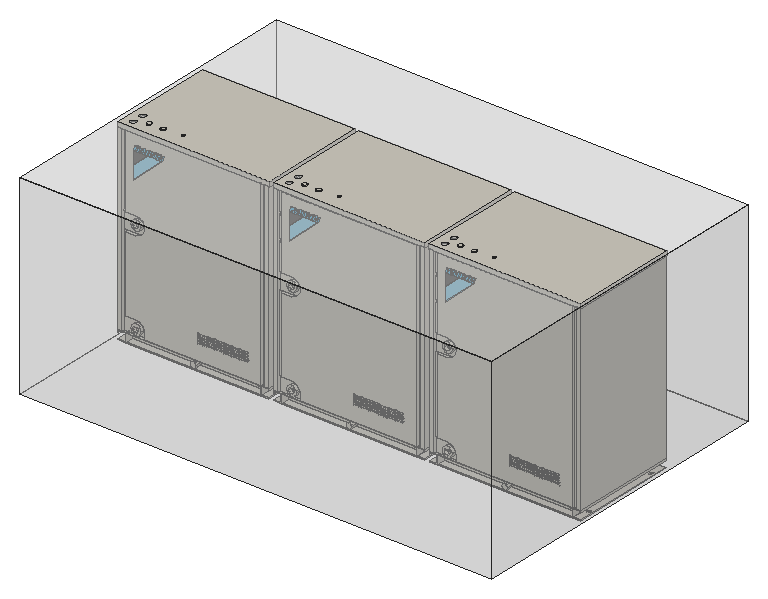
Revit family "outputfile", category 機械設備, Revit 2024 (continued)
Definition of nested family "DAIKIN_outdoorunit_RWEYQ-TYM"
  Definition of nested family "outdoorunit_frontpanel"
    Dimensions and locks
      locked: Extrusion 3 sketch curve to plane 2 "Bottom" at 76
      locked: Extrusion 3 sketch curve to Extrusion 3 sketch curve at 390
      locked: plane 6 to Extrusion 4 sketch curve at 2
      locked: plane 10 "Center L/T" to plane 1 "Center (Front/Back)" at 5
      aligned and locked: level to plane 2 "Bottom"
      aligned and locked: plane 8 "Left" to Extrusion 1 sketch curve
      aligned and locked: Extrusion 1 sketch curve to plane 4 "Back"
      aligned and locked: plane 5 "Front" to Extrusion 1 sketch curve
      aligned and locked: Extrusion 1 to plane 2 "Bottom"
      aligned and locked: plane 7 "Top" to Extrusion 1
      aligned and locked: plane 3 to plane 8 "Left"
      aligned and locked: plane 8 "Left" to Extrusion 2 sketch curve
      aligned and locked: Extrusion 2 sketch curve to plane 7 "Top"
      aligned and locked: plane 2 "Bottom" to Extrusion 2 sketch curve
      aligned and locked: Extrusion 2 sketch curve to plane 2 "Bottom"
      aligned and locked: plane 6 to Extrusion 2 sketch curve
      aligned and locked: plane 7 "Top" to Extrusion 2 sketch curve
      aligned and locked: Extrusion 2 to plane 1 "Center (Front/Back)"
      aligned and locked: plane 9 "Center L/S" to Extrusion 3
      aligned and locked: Extrusion 4 sketch curve to plane 7 "Top"
      aligned and locked: plane 2 "Bottom" to Extrusion 4 sketch curve
      aligned and locked: Extrusion 4 to plane 9 "Center L/S"
      aligned and locked: Extrusion 5 to plane 5 "Front"
      aligned and locked: plane 9 "Center L/S" to Extrusion 5
      aligned and locked: Extrusion 6 to plane 10 "Center L/T"
    Automatic sketch dimensions
      Extrusion 1 sketch curve to plane 6 = 0.0 mm
      Extrusion 3 sketch curve to plane 7 "Top" = 0.0 mm
      plane 3 to Extrusion 3 sketch curve = 2.0 mm  (x4)
      plane 3 to Extrusion 3 sketch curve = 10.5 mm
      Extrusion 3 sketch curve to Extrusion 3 sketch curve = 71.0 mm
      level to Extrusion 3 sketch curve = 31.0 mm
      Extrusion 3 sketch curve to plane 3 = 33.0 mm
      plane 6 to Extrusion 4 sketch curve = 236.161 mm
      Extrusion 5 sketch curve to Extrusion 5 sketch curve = 0.0 mm  (x4)
      plane 3 to Extrusion 5 sketch curve = 73.0 mm  (x2)
      level to Extrusion 5 sketch curve = 31.0 mm
      Extrusion 5 sketch curve to plane 7 "Top" = 420.0 mm
      level to Extrusion 6 sketch curve = 131.0 mm
      Extrusion 6 sketch curve to plane 6 = 345.2 mm
      Extrusion 6 sketch curve to Extrusion 6 sketch curve = 0.0 mm  (x40)
      Extrusion 6 sketch curve to Extrusion 6 sketch curve = 42.7 mm  (x2)
      Extrusion 6 sketch curve to Extrusion 6 sketch curve = 1.0 mm  (x32)
      Extrusion 6 sketch curve to Extrusion 6 sketch curve = 42.2 mm  (x4)
      Extrusion 6 sketch curve to Extrusion 6 sketch curve = 12.25 mm  (x7)
      Extrusion 6 sketch curve to Extrusion 6 sketch curve = 11.75 mm  (x9)
      radius of Extrusion 5 sketch curve = 25.0 mm  (x2)
      radius of Extrusion 5 sketch curve = 15.5 mm  (x2)
  Definition of nested family "outdoorunit_rightpanel1"
    Parameters (values of type "frontpanel1")
      width = 550.0 mm
      material [instance] = none
      height1 = 931.0 mm
      depth = 20.0 mm
      Default Elevation = 0.0 mm
    Reference planes
      plane 1 "Center (Front/Back)": y = 0
      plane 2 "Bottom": z = 0
      plane 3: x = 0
      plane 4 "Back": y = 10
      plane 5 "Front": y = -10
      plane 6: x = 550
      plane 7 "Top": z = 931
      plane 8 "Left": x = 0
      plane 9: y = -8.75
      plane 10: z = 639
      plane 11: y = -5.75
      plane 12: y = -2.551
      plane 13: y = -13
      plane 14: x = 275
    Forms (mm)
      Extrusion 1, solid, material <- "material"
        sketch origin (0, 0, 0) x (1, 0, 0) y (0, 1, 0)
          loop
            line (0, 10) -> (0, -10) -> (550, -10) -> (550, 10) -> (0, 10)
        from 0 to 931
    Dimensions and locks
      equal spacing: plane 4 "Back", plane 1 "Center (Front/Back)", plane 5 "Front"
      "depth": plane 4 "Back" to plane 5 "Front"
      "width": plane 8 "Left" to plane 6
      "height1": plane 7 "Top" to plane 2 "Bottom"
      locked: plane 10 to plane 2 "Bottom" at 639
      locked: plane 12 to plane 11 at 3.199
      plane 5 "Front" to plane 13 = 3.0 mm
      equal spacing: plane 8 "Left", plane 14, plane 6
      aligned and locked: level to plane 2 "Bottom"
      aligned and locked: plane 8 "Left" to Extrusion 1 sketch curve
      aligned and locked: Extrusion 1 sketch curve to plane 4 "Back"
      aligned and locked: plane 5 "Front" to Extrusion 1 sketch curve
      aligned and locked: Extrusion 1 to plane 2 "Bottom"
      aligned and locked: plane 7 "Top" to Extrusion 1
      aligned and locked: plane 3 to plane 8 "Left"
    Automatic sketch dimensions
      Extrusion 1 sketch curve to plane 6 = 0.0 mm
  Definition of nested family "outdoorunit_backpanel"
    Parameters (values of type "frontpanel1")
      width = 736.0 mm
      material [instance] = none
      height1 = 931.0 mm
      depth = 20.0 mm
      Default Elevation = 0.0 mm
    Reference planes
      plane 1 "Center (Front/Back)": y = 0
      plane 2 "Bottom": z = 0
      plane 3: x = 0
      plane 4 "Back": y = 10
      plane 5 "Front": y = -10
      plane 6: x = 736
      plane 7 "Top": z = 931
      plane 8 "Left": x = 0
      plane 9: z = 639
      plane 10: x = 368
    Forms (mm)
      Extrusion 1, solid, material <- "material"
        sketch origin (0, 0, 0) x (1, 0, 0) y (0, 1, 0)
          loop
            line (0, 10) -> (0, -10) -> (736, -10) -> (736, 10) -> (0, 10)
        from 0 to 931
      Extrusion 2, void
        sketch origin (0, 0, 0) x (1, 0, 0) y (0, 1, 0)
          loop
            line (0, -4) -> (0, -10) -> (21, -10) -> (21, -7) -> (2, -7) -> (2, -4) -> (0, -4)
          loop
            line (736, -4) -> (734, -4) -> (734, -7) -> (715, -7) -> (715, -10) -> (736, -10) -> (736, -4)
        from 0 to 931
    Cuts and joins
      Extrusion 2 cuts Extrusion 1
    Dimensions and locks
      equal spacing: plane 4 "Back", plane 1 "Center (Front/Back)", plane 5 "Front"
      "depth": plane 4 "Back" to plane 5 "Front"
      "width": plane 8 "Left" to plane 6
      "height1": plane 7 "Top" to plane 2 "Bottom"
      locked: plane 9 to plane 2 "Bottom" at 639
      equal spacing: plane 8 "Left", plane 10, plane 6
      aligned and locked: level to plane 2 "Bottom"
      aligned and locked: plane 8 "Left" to Extrusion 1 sketch curve
      aligned and locked: Extrusion 1 sketch curve to plane 4 "Back"
      aligned and locked: plane 5 "Front" to Extrusion 1 sketch curve
      aligned and locked: Extrusion 1 to plane 2 "Bottom"
      aligned and locked: plane 7 "Top" to Extrusion 1
      aligned and locked: plane 3 to plane 8 "Left"
    Automatic sketch dimensions
      Extrusion 1 sketch curve to plane 6 = 0.0 mm
      Extrusion 2 sketch curve to plane 3 = 0.0 mm
      Extrusion 2 sketch curve to plane 5 "Front" = 0.0 mm  (x2)
      Extrusion 2 sketch curve to plane 6 = 0.0 mm
      plane 3 to Extrusion 2 sketch curve = 2.0 mm
      Extrusion 2 sketch curve to Extrusion 2 sketch curve = 19.0 mm
      Extrusion 2 sketch curve to Extrusion 2 sketch curve = 21.0 mm
      Extrusion 2 sketch curve to plane 6 = 2.0 mm
      Extrusion 2 sketch curve to Extrusion 2 sketch curve = 3.0 mm  (x4)
  Definition of nested family "outdoorunit_leftpanel"
    Parameters (values of type "frontpanel1")
      width = 550.0 mm
      material [instance] = none
      height1 = 931.0 mm
      depth = 20.0 mm
      Default Elevation = 0.0 mm
    Reference planes
      plane 1 "Center (Front/Back)": y = 0
      plane 2 "Bottom": z = 0
      plane 3: x = 0
      plane 4 "Back": y = 10
      plane 5 "Front": y = -10
      plane 6: x = 550
      plane 7 "Top": z = 931
      plane 8 "Left": x = 0
      plane 9: y = -8.75
      plane 10: z = 639
      plane 11: y = -5.75
      plane 12: y = -2.551
      plane 13: y = -13
      plane 14: x = 275
    Forms (mm)
      Extrusion 1, solid, material <- "material"
        sketch origin (0, 0, 0) x (1, 0, 0) y (0, 1, 0)
          loop
            line (0, 10) -> (0, -10) -> (550, -10) -> (550, 10) -> (0, 10)
        from 0 to 931
    Dimensions and locks
      equal spacing: plane 4 "Back", plane 1 "Center (Front/Back)", plane 5 "Front"
      "depth": plane 4 "Back" to plane 5 "Front"
      "width": plane 8 "Left" to plane 6
      "height1": plane 7 "Top" to plane 2 "Bottom"
      locked: plane 10 to plane 2 "Bottom" at 639
      locked: plane 12 to plane 11 at 3.199
      plane 5 "Front" to plane 13 = 3.0 mm
      equal spacing: plane 8 "Left", plane 14, plane 6
      aligned and locked: level to plane 2 "Bottom"
      aligned and locked: plane 8 "Left" to Extrusion 1 sketch curve
      aligned and locked: Extrusion 1 sketch curve to plane 4 "Back"
      aligned and locked: plane 5 "Front" to Extrusion 1 sketch curve
      aligned and locked: Extrusion 1 to plane 2 "Bottom"
      aligned and locked: plane 7 "Top" to Extrusion 1
      aligned and locked: plane 3 to plane 8 "Left"
    Automatic sketch dimensions
      Extrusion 1 sketch curve to plane 6 = 0.0 mm
  Definition of nested family "outdoorunit_uppanel"
    Parameters (values of type "frontpanel1")
      width = 780.0 mm
      material [instance] = none
      height1 = 550.0 mm
      depth = 24.0 mm
      Default Elevation = 0.0 mm
    Reference planes
      plane 1 "Center (Front/Back)": y = 0
      plane 2 "Bottom": z = 0
      plane 3: x = 0
      plane 4 "Back": y = 12
      plane 5 "Front": y = -12
      plane 6: x = 780
      plane 7 "Top": z = 550
      plane 8 "Left": x = 0
      plane 9: y = -8.75
      plane 10: z = 639
      plane 11: y = -5.75
      plane 12: y = -2.551
    Forms (mm)
      Extrusion 1, solid, material <- "material"
        sketch origin (0, 0, 0) x (1, 0, 0) y (0, 1, 0)
          loop
            line (0, 12) -> (0, -12) -> (780, -12) -> (780, 12) -> (0, 12)
        from 0 to 550
      Extrusion 2, void
        sketch origin (0, 0, 0) x (1, 0, 0) y (0, 0, 1)
          loop
            circle (51, 38) r 14.5
          loop
            circle (51, 98) r 14.5
        from 9 to 12
    Cuts and joins
      Extrusion 2 cuts Extrusion 1
    Dimensions and locks
      equal spacing: plane 4 "Back", plane 1 "Center (Front/Back)", plane 5 "Front"
      "depth": plane 4 "Back" to plane 5 "Front"
      "width": plane 8 "Left" to plane 6
      "height1": plane 7 "Top" to plane 2 "Bottom"
      locked: plane 10 to plane 2 "Bottom" at 639
      locked: Extrusion 2 sketch curve to plane 8 "Left" at 51  (x2)
      locked: Extrusion 2 sketch curve to level at 38
      locked: Extrusion 2 sketch curve to Extrusion 2 sketch curve at 60
      aligned and locked: level to plane 2 "Bottom"
      aligned and locked: plane 8 "Left" to Extrusion 1 sketch curve
      aligned and locked: Extrusion 1 sketch curve to plane 4 "Back"
      aligned and locked: Extrusion 1 sketch curve to plane 5 "Front"
      aligned and locked: Extrusion 1 to plane 2 "Bottom"
      aligned and locked: plane 7 "Top" to Extrusion 1
      aligned and locked: plane 3 to plane 8 "Left"
    Automatic sketch dimensions
      Extrusion 1 sketch curve to plane 6 = 0.0 mm
      radius of Extrusion 2 sketch curve = 14.5 mm  (x2)
  Definition of nested family "outdoorunit_downpanel"
    Parameters (values of type "frontpanel1")
      width = 736.0 mm
      material [instance] = none
      height1 = 510.0 mm
      depth = 20.0 mm
      Default Elevation = 0.0 mm
    Reference planes
      plane 1 "Center (Front/Back)": y = 0
      plane 2 "Bottom": z = 0
      plane 3: x = 0
      plane 4 "Back": y = 10
      plane 5 "Front": y = -10
      plane 6: x = 736
      plane 7 "Top": z = 510
      plane 8 "Left": x = 0
      plane 9: z = 255
      plane 10: y = -18
      plane 11: y = 6
      plane 12: y = 8
      plane 13: x = 368
    Forms (mm)
      Extrusion 1, solid, material <- "material"
        sketch origin (0, 0, 0) x (1, 0, 0) y (0, 1, 0)
          loop
            line (0, 10) -> (0, -10) -> (736, -10) -> (736, 10) -> (0, 10)
        from 0 to 510
    Dimensions and locks
      equal spacing: plane 4 "Back", plane 1 "Center (Front/Back)", plane 5 "Front"
      "depth": plane 4 "Back" to plane 5 "Front"
      "width": plane 8 "Left" to plane 6
      "height1": plane 7 "Top" to plane 2 "Bottom"
      plane 4 "Back" to plane 11 = 4.0 mm
      plane 4 "Back" to plane 12 = 2.0 mm
      equal spacing: plane 8 "Left", plane 13, plane 6
      equal spacing: plane 7 "Top", plane 9, plane 2 "Bottom"
      aligned and locked: level to plane 2 "Bottom"
      aligned and locked: plane 8 "Left" to Extrusion 1 sketch curve
      aligned and locked: Extrusion 1 sketch curve to plane 4 "Back"
      aligned and locked: plane 5 "Front" to Extrusion 1 sketch curve
      aligned and locked: Extrusion 1 to plane 2 "Bottom"
      aligned and locked: plane 7 "Top" to Extrusion 1
      aligned and locked: plane 3 to plane 8 "Left"
    Automatic sketch dimensions
      Extrusion 1 sketch curve to plane 6 = 0.0 mm
  Definition of nested family "daikin_mountinghole"
    Parameters (values of type "daikin_mountinghole")
      Default Elevation = 1219.2 mm
      Type Comments = "mountinghole"
      show [instance] = yes
      material = none
      l_centerline = 100.0 mm
      l_antenna [instance] = 100.0 mm
      h_mountinghole [instance] = 0.0 mm
      d_circle = 30.0 mm
      Link_Nested Family [instance] = ""
    Reference planes
      plane 1 "Center (Front/Back)": y = 0
      plane 2: z = 0
      plane 3 "Center (Left/Right)": x = 0
      plane 4: y = 50
      plane 5: x = -50
      plane 6: x = 50
      plane 7: y = -50
      plane 8 "h_mountinghole": z = 0
      plane 9: z = 100
    Lines and regions (mm)
      model lines, detail levels fine
        curve 1: circle (0, 0, 0) r 15 normal (0, 0, 1)
        curve 2: line (-50, 0, 0) -> (50, 0, 0)
        curve 3: line (0, 50, 0) -> (0, -50, 0)
      symbolic lines, detail levels fine
        curve 4: circle (0, 0, 0) r 15 normal (0, 0, 1)
        curve 5: line (-50, 0, 0) -> (50, 0, 0)
        curve 6: line (0, 50, 0) -> (0, -50, 0)
      model lines
        curve 7: line (0, 0, 100) -> (0, 0, 0)
    Dimensions and locks
      equal spacing: plane 4, plane 1 "Center (Front/Back)", plane 7
      "l_centerline": plane 4 to plane 7
      equal spacing: plane 5, plane 3 "Center (Left/Right)", plane 6
      "l_centerline": plane 5 to plane 6
      "l_antenna": plane 9 to plane 8 "h_mountinghole"
      "h_mountinghole": plane 8 "h_mountinghole" to plane 2
      "d_circle": diameter of curve 1
      "d_circle": diameter of curve 4
      aligned and locked: level to plane 2
      aligned and locked: plane 1 "Center (Front/Back)" to curve 1
      aligned and locked: plane 3 "Center (Left/Right)" to curve 1
      aligned and locked: plane 1 "Center (Front/Back)" to curve 2
      aligned and locked: curve 3 to plane 3 "Center (Left/Right)"
      aligned and locked: plane 6 to curve 2
      aligned and locked: plane 5 to curve 2
      aligned and locked: plane 4 to curve 3
      aligned and locked: plane 7 to curve 3
      aligned and locked: plane 1 "Center (Front/Back)" to curve 4
      aligned and locked: plane 3 "Center (Left/Right)" to curve 4
      aligned and locked: plane 6 to curve 5
      aligned and locked: plane 5 to curve 5
      aligned and locked: plane 1 "Center (Front/Back)" to curve 5
      aligned and locked: plane 4 to curve 6
      aligned and locked: plane 7 to curve 6
      aligned and locked: curve 6 to plane 3 "Center (Left/Right)"
      aligned and locked: curve 7 to plane 3 "Center (Left/Right)"
      aligned and locked: plane 9 to curve 7
      aligned and locked: plane 8 "h_mountinghole" to curve 7
Definition of nested family "daikin_clearancespace"
  Parameters (values of type "daikin_clearancespace")
    Description = "daikin_clearancespace"
    width [instance] = 1823.963 mm
    show [instance] = yes
    material = none
    height [instance] = 1359.762 mm
    depth [instance] = 880.0 mm
    Default Elevation = 0.0 mm
    Link_Nested Family [instance] = ""
  Reference planes
    plane 1 "Center (Front/Back)": y = 0
    plane 2 "Center (Elevation)": z = -0.119
    plane 3 "Center (Left/Right)": x = 0
    plane 4: y = 440
    plane 5: y = -440
    plane 6 "Right": x = 911.982
    plane 7 "Left": x = -911.982
    plane 8 "Top": z = 679.762
    plane 9 "Bottom": z = -680
  Forms (mm)
    Extrusion 1, solid, material <- "material", visible <- "show"
      sketch origin (0, 0, 0) x (1, 0, 0) y (0, 1, 0)
        loop
          line (-911.982, 440) -> (-911.982, -440) -> (911.982, -440) -> (911.982, 440) -> (-911.982, 440)
      from -680 to 679.762
  Lines and regions (mm)
    symbolic lines, visible <- "show"
      curve 1: line (911.982, 440, 0) -> (-911.982, 440, 0)
      curve 2: line (-911.982, 440, 0) -> (-911.982, -440, 0)
      curve 3: line (-911.982, -440, 0) -> (911.982, -440, 0)
      curve 4: line (911.982, -440, 0) -> (911.982, 440, 0)
      curve 5: line (911.982, 0, 679.762) -> (-911.982, 0, 679.762)
      curve 6: line (911.982, 0, -680) -> (911.982, 0, 679.762)
      curve 7: line (-911.982, 0, -680) -> (911.982, 0, -680)
      curve 8: line (-911.982, 0, 679.762) -> (-911.982, 0, -680)
      curve 9: line (0, 440, 679.762) -> (0, -440, 679.762)
      curve 10: line (0, -440, 679.762) -> (0, -440, -680)
      curve 11: line (0, 440, -680) -> (0, 440, 679.762)
      curve 12: line (0, -440, -680) -> (0, 440, -680)
  Dimensions and locks
    "width": plane 7 "Left" to plane 6 "Right"
    "depth": plane 4 to plane 5
    "height": plane 8 "Top" to plane 9 "Bottom"
    equal spacing: plane 7 "Left", plane 3 "Center (Left/Right)", plane 6 "Right"
    equal spacing: plane 4, plane 1 "Center (Front/Back)", plane 5
    equal spacing: plane 8 "Top", plane 2 "Center (Elevation)", plane 9 "Bottom"
    aligned and locked: level to plane 2 "Center (Elevation)"
    aligned and locked: Extrusion 1 sketch curve to plane 4
    aligned and locked: plane 7 "Left" to Extrusion 1 sketch curve
    aligned and locked: Extrusion 1 sketch curve to plane 5
    aligned and locked: Extrusion 1 sketch curve to plane 6 "Right"
    aligned and locked: plane 8 "Top" to Extrusion 1
    aligned and locked: curve 1 to Extrusion 1
    aligned and locked: curve 2 to Extrusion 1
    aligned and locked: curve 3 to Extrusion 1
    aligned and locked: curve 4 to Extrusion 1
    aligned and locked: curve 5 to Extrusion 1
    aligned and locked: curve 6 to Extrusion 1
    aligned and locked: curve 7 to Extrusion 1
    aligned and locked: curve 8 to Extrusion 1
    aligned and locked: curve 9 to Extrusion 1
    aligned and locked: curve 10 to Extrusion 1
    aligned and locked: curve 11 to Extrusion 1
    aligned and locked: curve 12 to Extrusion 1
    aligned and locked: Extrusion 1 to plane 9 "Bottom"
Definition of nested family "daikin_logo_elevation_w150"
  Parameters (values of type "daikin_logo_elevation_w150")
    width = 150.0 mm
    show_logo [instance] = yes
    material = none
    height = 180.0 mm
    depth = 5.0 mm
    Default Elevation = 0.0 mm
  Reference planes
    plane 1 "Center (Front/Back)": y = 0
    plane 2: z = 0
    plane 3 "Center (Left/Right)": x = 0
    plane 4 "top": z = 180
    plane 5: z = 155.432
    plane 6 "left": x = -90
    plane 7 "right": x = 60
    plane 8: y = -5
  Forms (mm)
    Extrusion 1, solid, visible <- "show_logo"
      sketch origin (0, 0, 0) x (1, 0, 0) y (0, 0, 1)
        loop
          line (-90, 22.832) -> (54.211, 155.432) -> (-19.804, 155.432) -> (-90, 91.131) -> (-90, 22.832)
      from 0 to 5
    Extrusion 2, solid, visible <- "show_logo"
      sketch origin (0, 0, 0) x (1, 0, 0) y (0, 0, 1)
        loop
          line (-90, 155.432) -> (-90, 91.131) -> (-19.804, 155.432) -> (-90, 155.432)
      from 0 to 5
    Extrusion 3, solid, visible <- "show_logo"
      sketch origin (0, 0, 0) x (1, 0, 0) y (0, 0, 1)
        loop
          line (-73.294, 180) -> (-84.431, 180) -> (-90, 157.726) -> (-73.294, 157.726)
          arc (-73.294, 157.726) -> (-66.673, 159.069) -> (-61.582, 163.51) r 13.209
          arc (-61.582, 163.51) -> (-59.344, 169.288) -> (-60.109, 175.436) r 12.685
          arc (-60.109, 175.436) -> (-61.683, 177.678) -> (-64.031, 179.088) r 6.606
          arc (-64.031, 179.088) -> (-68.629, 179.878) -> (-73.294, 180) r 32.396
        loop
          line (-78.863, 162.18) -> (-74.408, 162.18)
          arc (-74.408, 162.18) -> (-70.986, 164.473) -> (-69.002, 168.082) r 8.708
          arc (-69.002, 168.082) -> (-68.734, 170.84) -> (-69.386, 173.533) r 8.337
          arc (-69.386, 173.533) -> (-70.358, 174.487) -> (-71.624, 174.988) r 3.442
          line (-71.624, 174.988) -> (-76.078, 174.988) -> (-78.863, 162.18)
        loop
          line (-61.043, 157.726) -> (-54.918, 157.726) -> (-52.829, 161.624) -> (-44.059, 161.624) -> (-43.223, 157.726) -> (-33.2, 157.726) -> (-37.655, 180) -> (-48.792, 180) -> (-61.043, 157.726)
        loop
          line (-50.145, 166.635) -> (-45.133, 166.635) -> (-46.565, 173.318) -> (-50.145, 166.635)
        loop
          line (-24.847, 180) -> (-30.416, 157.726) -> (-20.949, 157.726) -> (-15.38, 180) -> (-24.847, 180)
        loop
          line (-15.38, 157.726) -> (-5.914, 157.726) -> (-4.4, 163.779) -> (0.212, 157.726) -> (11.906, 157.726) -> (2.996, 169.42) -> (15.804, 180) -> (5.78, 180) -> (-1.94, 173.623) -> (-0.345, 180) -> (-9.812, 180) -> (-15.38, 157.726)
        loop
          line (20.259, 180) -> (14.133, 157.726) -> (24.157, 157.726) -> (29.725, 180) -> (20.259, 180)
        loop
          line (29.725, 157.726) -> (36.408, 157.726) -> (39.555, 170.315) -> (43.647, 157.726) -> (54.784, 157.726) -> (60.353, 180) -> (53.671, 180) -> (50.281, 166.442) -> (45.874, 180) -> (35.294, 180) -> (29.725, 157.726)
      from 0 to 5
  Dimensions and locks
    "height": plane 4 "top" to plane 2
    locked: plane 4 "top" to plane 5 at 24.568
    "width": plane 6 "left" to plane 7 "right"
    "depth": plane 8 to plane 1 "Center (Front/Back)"
    aligned and locked: level to plane 2
    aligned and locked: plane 4 "top" to Extrusion 3  (x8)
    aligned and locked: plane 5 to Extrusion 1
    aligned and locked: plane 5 to Extrusion 2
    aligned and locked: plane 6 "left" to Extrusion 2
    aligned and locked: plane 6 "left" to Extrusion 1
    aligned and locked: Extrusion 3 to plane 8
    aligned and locked: Extrusion 1 to plane 8
    aligned and locked: Extrusion 2 to plane 8
  Automatic sketch dimensions
    level to Extrusion 1 sketch curve = 22.832 mm
    Extrusion 1 sketch curve to Extrusion 1 sketch curve = 68.298 mm
    Extrusion 1 sketch curve to plane 4 "top" = 24.568 mm
    Extrusion 1 sketch curve to plane 3 "Center (Left/Right)" = 19.804 mm
    Extrusion 2 sketch curve to plane 4 "top" = 24.568 mm
    Extrusion 2 sketch curve to plane 3 "Center (Left/Right)" = 19.804 mm
    Extrusion 2 sketch curve to Extrusion 2 sketch curve = 64.302 mm
    Extrusion 3 sketch curve to plane 4 "top" = 0.0 mm  (x8)
    Extrusion 3 sketch curve to plane 4 "top" = 0.912 mm
    Extrusion 3 sketch curve to Extrusion 3 sketch curve = 2.154 mm
    Extrusion 3 sketch curve to Extrusion 3 sketch curve = 6.245 mm
    Extrusion 3 sketch curve to plane 4 "top" = 4.564 mm
    Extrusion 3 sketch curve to Extrusion 3 sketch curve = 5.748 mm
    Extrusion 3 sketch curve to Extrusion 3 sketch curve = 2.001 mm
    Extrusion 3 sketch curve to Extrusion 3 sketch curve = 4.603 mm
    Extrusion 3 sketch curve to Extrusion 3 sketch curve = 0.59 mm
    Extrusion 3 sketch curve to Extrusion 3 sketch curve = 0.07 mm
    Extrusion 3 sketch curve to Extrusion 3 sketch curve = 1.49 mm
    Extrusion 3 sketch curve to plane 4 "top" = 5.012 mm
    Extrusion 3 sketch curve to Extrusion 3 sketch curve = 3.556 mm
    Extrusion 3 sketch curve to Extrusion 3 sketch curve = 5.569 mm  (x3)
    Extrusion 3 sketch curve to Extrusion 3 sketch curve = 0.309 mm
    Extrusion 3 sketch curve to Extrusion 3 sketch curve = 4.455 mm  (x4)
    Extrusion 3 sketch curve to Extrusion 3 sketch curve = 0.288 mm
    Extrusion 3 sketch curve to Extrusion 3 sketch curve = 0.689 mm
    Extrusion 3 sketch curve to Extrusion 3 sketch curve = 2.238 mm
    Extrusion 3 sketch curve to Extrusion 3 sketch curve = 4.528 mm
    Extrusion 3 sketch curve to Extrusion 3 sketch curve = 0.658 mm
    Extrusion 3 sketch curve to Extrusion 3 sketch curve = 2.931 mm
    Extrusion 3 sketch curve to Extrusion 3 sketch curve = 0.357 mm
    Extrusion 3 sketch curve to Extrusion 3 sketch curve = 0.101 mm
    Extrusion 3 sketch curve to Extrusion 3 sketch curve = 11.317 mm
    Extrusion 3 sketch curve to Extrusion 3 sketch curve = 0.539 mm
    Extrusion 3 sketch curve to Extrusion 3 sketch curve = 11.137 mm  (x2)
    Extrusion 3 sketch curve to Extrusion 3 sketch curve = 5.784 mm
    Extrusion 3 sketch curve to Extrusion 3 sketch curve = 10.024 mm  (x3)
    Extrusion 3 sketch curve to Extrusion 3 sketch curve = 0.835 mm
    Extrusion 3 sketch curve to Extrusion 3 sketch curve = 8.771 mm
    Extrusion 3 sketch curve to Extrusion 3 sketch curve = 2.088 mm
    Extrusion 3 sketch curve to Extrusion 3 sketch curve = 3.898 mm
    Extrusion 3 sketch curve to plane 4 "top" = 6.682 mm
    Extrusion 3 sketch curve to Extrusion 3 sketch curve = 2.227 mm  (x2)
    Extrusion 3 sketch curve to Extrusion 3 sketch curve = 2.685 mm
    Extrusion 3 sketch curve to plane 4 "top" = 13.365 mm
    Extrusion 3 sketch curve to Extrusion 3 sketch curve = 5.012 mm
    Extrusion 3 sketch curve to Extrusion 3 sketch curve = 12.808 mm
    Extrusion 3 sketch curve to Extrusion 3 sketch curve = 2.784 mm
    Extrusion 3 sketch curve to Extrusion 3 sketch curve = 9.467 mm  (x4)
    Extrusion 3 sketch curve to Extrusion 3 sketch curve = 0.0 mm  (x5)
    Extrusion 3 sketch curve to Extrusion 3 sketch curve = 5.568 mm  (x2)
    Extrusion 3 sketch curve to plane 3 "Center (Left/Right)" = 0.345 mm
    Extrusion 3 sketch curve to plane 3 "Center (Left/Right)" = 1.94 mm
    Extrusion 3 sketch curve to plane 4 "top" = 6.377 mm
    plane 3 "Center (Left/Right)" to Extrusion 3 sketch curve = 5.78 mm
    plane 3 "Center (Left/Right)" to Extrusion 3 sketch curve = 2.996 mm
    Extrusion 3 sketch curve to Extrusion 3 sketch curve = 4.203 mm
    plane 3 "Center (Left/Right)" to Extrusion 3 sketch curve = 11.906 mm
    Extrusion 3 sketch curve to Extrusion 3 sketch curve = 11.694 mm
    plane 3 "Center (Left/Right)" to Extrusion 3 sketch curve = 0.212 mm
    Extrusion 3 sketch curve to plane 3 "Center (Left/Right)" = 4.4 mm
    Extrusion 3 sketch curve to Extrusion 3 sketch curve = 6.053 mm
    Extrusion 3 sketch curve to plane 3 "Center (Left/Right)" = 5.914 mm
    Extrusion 3 sketch curve to Extrusion 3 sketch curve = 10.581 mm
    Extrusion 3 sketch curve to plane 4 "top" = 13.558 mm
    Extrusion 3 sketch curve to Extrusion 3 sketch curve = 4.406 mm
    Extrusion 3 sketch curve to Extrusion 3 sketch curve = 7.796 mm
    Extrusion 3 sketch curve to Extrusion 3 sketch curve = 6.682 mm  (x2)
    Extrusion 3 sketch curve to Extrusion 3 sketch curve = 4.503 mm
    Extrusion 3 sketch curve to Extrusion 3 sketch curve = 8.716 mm
    Extrusion 3 sketch curve to Extrusion 3 sketch curve = 6.634 mm
    Extrusion 3 sketch curve to plane 4 "top" = 9.685 mm
    Extrusion 3 sketch curve to Extrusion 3 sketch curve = 4.261 mm
    Extrusion 3 sketch curve to Extrusion 3 sketch curve = 1.67 mm
    Extrusion 3 sketch curve to Extrusion 3 sketch curve = 8.353 mm
    Extrusion 1 sketch curve to plane 3 "Center (Left/Right)" = 90.0 mm
    Extrusion 2 sketch curve to Extrusion 2 sketch curve = 70.196 mm
    plane 3 "Center (Left/Right)" to Extrusion 1 sketch curve = 54.211 mm
Definition of nested family "daikin_mountinghole"
  Parameters (values of type "daikin_mountinghole")
    Default Elevation = 1219.2 mm
    Type Comments = "mountinghole"
    show [instance] = yes
    material = none
    l_centerline = 100.0 mm
    l_antenna [instance] = 100.0 mm
    h_mountinghole [instance] = 0.0 mm
    d_circle = 30.0 mm
    Link_Nested Family [instance] = ""
  Reference planes
    plane 1 "Center (Front/Back)": y = 0
    plane 2: z = 0
    plane 3 "Center (Left/Right)": x = 0
    plane 4: y = 50
    plane 5: x = -50
    plane 6: x = 50
    plane 7: y = -50
    plane 8 "h_mountinghole": z = 0
    plane 9: z = 100
  Lines and regions (mm)
    model lines, detail levels fine
      curve 1: circle (0, 0, 0) r 15 normal (0, 0, 1)
      curve 2: line (-50, 0, 0) -> (50, 0, 0)
      curve 3: line (0, 50, 0) -> (0, -50, 0)
    symbolic lines, detail levels fine
      curve 4: circle (0, 0, 0) r 15 normal (0, 0, 1)
      curve 5: line (-50, 0, 0) -> (50, 0, 0)
      curve 6: line (0, 50, 0) -> (0, -50, 0)
    model lines
      curve 7: line (0, 0, 100) -> (0, 0, 0)
  Dimensions and locks
    equal spacing: plane 4, plane 1 "Center (Front/Back)", plane 7
    "l_centerline": plane 4 to plane 7
    equal spacing: plane 5, plane 3 "Center (Left/Right)", plane 6
    "l_centerline": plane 5 to plane 6
    "l_antenna": plane 9 to plane 8 "h_mountinghole"
    "h_mountinghole": plane 8 "h_mountinghole" to plane 2
    "d_circle": diameter of curve 1
    "d_circle": diameter of curve 4
    aligned and locked: level to plane 2
    aligned and locked: plane 1 "Center (Front/Back)" to curve 1
    aligned and locked: plane 3 "Center (Left/Right)" to curve 1
    aligned and locked: plane 1 "Center (Front/Back)" to curve 2
    aligned and locked: curve 3 to plane 3 "Center (Left/Right)"
    aligned and locked: plane 6 to curve 2
    aligned and locked: plane 5 to curve 2
    aligned and locked: plane 4 to curve 3
    aligned and locked: plane 7 to curve 3
    aligned and locked: plane 1 "Center (Front/Back)" to curve 4
    aligned and locked: plane 3 "Center (Left/Right)" to curve 4
    aligned and locked: plane 6 to curve 5
    aligned and locked: plane 5 to curve 5
    aligned and locked: plane 1 "Center (Front/Back)" to curve 5
    aligned and locked: plane 4 to curve 6
    aligned and locked: plane 7 to curve 6
    aligned and locked: curve 6 to plane 3 "Center (Left/Right)"
    aligned and locked: curve 7 to plane 3 "Center (Left/Right)"
    aligned and locked: plane 9 to curve 7
    aligned and locked: plane 8 "h_mountinghole" to curve 7
Definition of nested family "daikin_connector_rotate3"
  Parameters (values of type "daikin_connector_rotate3")
    show [instance] = yes
    radius [instance] = 10.0 mm
    length [instance] = 600.0 mm
    angle_horizontal [instance] = 60.00°
    angle_vertical [instance] = 90.00°
    Default Elevation = 0.0 mm
  Reference planes
    plane 1 "Center (Front/Back)": y = 0
    plane 2: z = 0
    plane 3 "Center (Left/Right)": x = 0
  Dimensions and locks
    "angle_horizontal": angle plane 3 "Center (Left/Right)" to nested 1
    aligned and locked: level to plane 2
    aligned and locked: plane 1 "Center (Front/Back)" to nested 1  (x2)
    aligned and locked: plane 3 "Center (Left/Right)" to nested 1
  Nested families
    nested 1: "daikin_connector_rotate2" at (0, 0, 0) x (0.5, 0.866, 0) z (0, 0, 1), angle_vertical <- "angle_vertical", length <- "length", radius <- "radius", type "daikin_connector_rotate2"
      with radius 10.0 mm, length 600.0 mm, angle_vertical 90.00°
  Definition of nested family "daikin_connector_rotate2"
    Parameters (values of type "daikin_connector_rotate2")
      show_face = yes
      radius [instance] = 10.0 mm
      length [instance] = 600.0 mm
      d_surface = 10.0 mm
      angle_vertical [instance] = 90.00°
      Default Elevation = 0.0 mm
    Reference planes
      plane 1 "Center (Front/Back)": y = 0
      plane 2: z = 0
      plane 3 "Center (Left/Right)": x = 0
    Forms (mm)
      Extrusion 1, solid, visible <- "show_face"
        sketch origin (0, -600, 0) x (1, 0, 0) y (0, 0, 1)
          loop
            circle (0, 0) r 10
        from 0 to -10
    Lines and regions (mm)
      reference lines
        curve 1: line (0, 0, 0) -> (0, -600, 0)
      symbolic lines
        curve 2: circle (0, 0, 0) r 5 normal (0, 0, 1)
      model lines, visible <- "show_face"
        curve 3: line (0, 0, 0) -> (0, -600, 0)
    Dimensions and locks
      "length": curve 1 to curve 1
      "length": curve 3 to curve 3
      "d_surface": Extrusion 1 to Extrusion 1
      "radius": radius of Extrusion 1 sketch curve
      "angle_vertical": angle curve 1 to plane 1 "Center (Front/Back)"
      "angle_vertical": angle curve 3 to plane 1 "Center (Front/Back)"
      aligned and locked: level to plane 2
      aligned and locked: plane 1 "Center (Front/Back)" to curve 1
      aligned and locked: plane 2 to curve 1
      aligned and locked: plane 1 "Center (Front/Back)" to curve 2
      aligned and locked: plane 3 "Center (Left/Right)" to curve 2
      aligned and locked: plane 1 "Center (Front/Back)" to curve 3
      aligned and locked: plane 2 to curve 3
      aligned and locked: Extrusion 1 to Extrusion 1
    Automatic sketch dimensions
      Extrusion 1 sketch curve to level = 0.0 mm
      Extrusion 1 sketch curve to plane 3 "Center (Left/Right)" = 0.0 mm
      radius of curve 2 = 5.0 mm
